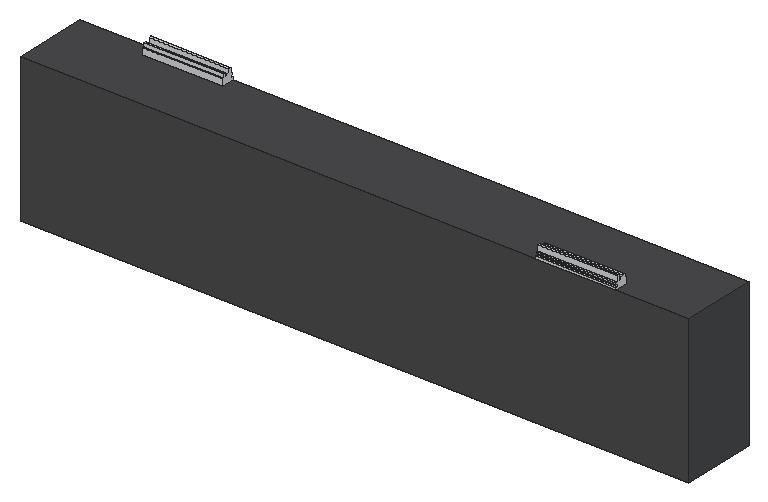
Revit family "STRIPE BLOCK RAIL 328_DTM15U.3.2.90", category Luminarias, Revit 2019
Family settings
  Cota de conector redondo = Diámetro de uso
  Tipo de pieza = Normal
  Se basa en plano de trabajo = Sí
  Siempre vertical = Sí
  Corte con vacíos al cargar = No
  Origen de luz = Sí
  Compartido = No
  Punto de cálculo de habitación = No
Parameters (values of type "STRIPE BLOCK RAIL 328_DTM15U.3.2.90")
  Ángulo de inclinación = 60.00°
  Ángulo de enfoque = 90.00°
  Ángulo de campo de foco = 90.00°
  Zone [instance] = ""
  Watt per fixture = 15
  Wattage = 15 W
  built-in parameter 1150107 = 2700 (stored number, unit not read)
  built-in parameter 1150110 = 1 (stored number, unit not read)
  built-in parameter 1150109 = 1 (stored number, unit not read)
  built-in parameter 1150112 = 1 (stored number, unit not read)
  built-in parameter 1150113 = 1 (stored number, unit not read)
  built-in parameter 1114218 = 1 (stored number, unit not read)
  Keynote = ""
  built-in parameter 1150137 = (empty or 0)
  built-in parameter 1150132 = (empty or 0)
  Modelo = "DTM15U.3.2.90"
  Lámpara = "2835SMD SAMSUNG"
  Light Source Symbol Length = 3048 mm
  built-in parameter 1150105 = 3811.7 (stored number, unit not read)
  built-in parameter 1150102 = (empty or 0)
  built-in parameter 1150106 = 38.117 (stored number, unit not read)
  Lumens = 1140 lm
  Color Filter = 16777215
  built-in parameter 1114217 = 1 (stored number, unit not read)
  built-in parameter 1150139 = (empty or 0)
  Fabricante = "BRILLANT"
  Default Elevation = 1219.2 mm
  built-in parameter 1150104 = 7.0606 (stored number, unit not read)
  Descripción = "LUMINARIA DOWNLIGHT EN FORMATO RECTANGULAR COMPATIBLE CON RIEL DE 6 ENTRADAS Y 3 CIRCUITOS, CUERPO DE ALUMINIO ACABADO EN COLOR NEGRO, IP 20, PESO 0.78Kg, TIPO DE LED 3030SMD PHILIPS CON 15W TOTAL, 1200 LUMENES, 80LM/W, IRC 90, TEMPERATURA EN BLANCO CALIDO 2700K, 50 MIL HORAS DE VIDA PROMEDIO, APERTURA DE 15 GRADOS POR PROYECTO, ALIMENTADO A 90-240V"
  built-in parameter 1150115 = 1 (stored number, unit not read)
  built-in parameter 1150114 = 1 (stored number, unit not read)
  Comentarios de vataje = "90-240V"
  built-in parameter 1150138 = (empty or 0)
  built-in parameter 1150134 = (empty or 0)
  Circuit [instance] = ""
  Dimming Lamp Color Temperature Shift = (empty or 0)
  Longitud de símbolo de origen de luz = 3048 mm
Reference planes
  plane 1 "Centro (Frontal/Posterior)": y = 0
  plane 2: z = 0
  plane 3 "Centro (Izquierda/Derecha)": x = 0
Forms (mm)
  Extrusion 1, solid, material "Default Form"
    sketch origin (0, 0, 0) x (1, 0, 0) y (0, 0, 1)
      loop
        line (-164, 0) -> (-164, -72) -> (164, -72) -> (164, 0) -> (-164, 0)
    from -18.326 to 18.326
  Extrusion 2, solid
    sketch origin (0, 0, 3.217) x (0, 1, 0) y (0, 0, 1)
      loop
        line (-12.149, -3.217) -> (-12.149, 0) -> (-12.935, 0) -> (-12.935, 1.637) -> (-13.796, 1.637) -> (-13.796, 0) -> (-14.582, 0) -> (-14.582, 0.811) -> (-15.443, 0.811) -> (-15.443, 0) -> (-16.233, 0) -> (-16.233, 2.691) -> (-17.279, 2.691) -> (-17.279, 0) -> (-18.061, 0) -> (-18.061, -0.861) -> (-17.162, -0.861) -> (-17.162, -2.042) -> (-18.326, -2.042) -> (-18.326, -3.217) -> (-12.149, -3.217)
    from 89.098 to 128.24
  Blend 3, void
    base sketch origin (0, 0, 0) x (1, 0, 0) y (0, 1, 0)
      loop
        line (-162, 16.149) -> (-162, -16.149) -> (162.02, -16.149) -> (162.02, 16.149) -> (-162, 16.149)
    top sketch origin (0, 0, 0) x (1, 0, 0) y (0, 1, 0)
      loop
        line (-160, 12.149) -> (-160, -12.149) -> (159.067, -12.149) -> (159.067, 12.149) -> (-160, 12.149)
    from -72 to -61.591
  Extrusion 4, solid
    sketch origin (0, 0, 3.217) x (0, -1, 0) y (0, 0, 1)
      loop
        line (-12.149, -3.217) -> (-12.149, 0) -> (-12.935, 0) -> (-12.935, 1.637) -> (-13.796, 1.637) -> (-13.796, 0) -> (-14.582, 0) -> (-14.582, 0.811) -> (-15.443, 0.811) -> (-15.443, 0) -> (-16.233, 0) -> (-16.233, 2.691) -> (-17.279, 2.691) -> (-17.279, 0) -> (-18.061, 0) -> (-18.061, -0.861) -> (-17.162, -0.861) -> (-17.162, -2.042) -> (-18.326, -2.042) -> (-18.326, -3.217) -> (-12.149, -3.217)
    from 89.098 to 128.24
  Extrusion 5, solid, material "Cristal"
    sketch origin (0, 0, 0) x (1, 0, 0) y (0, 1, 0)
      loop
        line (-162, 16.149) -> (-162, -16.149) -> (162.02, -16.149) -> (162.02, 16.149) -> (-162, 16.149)
    from -71.747 to -71.525
Cuts and joins
  Blend 3 cuts Extrusion 1
Dimensions and locks
  equal spacing: Extrusion 1, plane 1 "Centro (Frontal/Posterior)", Extrusion 1
  Extrusion 1 to plane 1 "Centro (Frontal/Posterior)" = 18.326 mm
  Extrusion 1 to Extrusion 1 = 36.651 mm
  Extrusion 1 to Extrusion 1 = 72 mm
  Extrusion 1 to Extrusion 1 = 328 mm
  cut or joined group of Extrusion 1, Blend 3 to cut or joined group of Extrusion 1, Blend 3 = 72 mm
  cut or joined group of Extrusion 1, Blend 3 to cut or joined group of Extrusion 1, Blend 3 = 36.651 mm
  cut or joined group of Extrusion 1, Blend 3 to cut or joined group of Extrusion 1, Blend 3 = 328 mm
  equal spacing: cut or joined group of Extrusion 1, Blend 3, plane 1 "Centro (Frontal/Posterior)", cut or joined group of Extrusion 1, Blend 3
  aligned and locked: level to plane 2
Automatic sketch dimensions
  Extrusion 1 sketch curve to level = 0 mm
  Extrusion 1 sketch curve to level = 72 mm
  Extrusion 1 sketch curve to plane 3 "Centro (Izquierda/Derecha)" = 164 mm
  plane 3 "Centro (Izquierda/Derecha)" to Extrusion 1 sketch curve = 164 mm
  Extrusion 4 sketch curve to level = 0 mm
  level to Extrusion 4 sketch curve = 1.175 mm
  Extrusion 4 sketch curve to plane 1 "Centro (Frontal/Posterior)" = 18.326 mm
  Extrusion 4 sketch curve to Extrusion 4 sketch curve = 0.265 mm
  Extrusion 4 sketch curve to Extrusion 4 sketch curve = 0.782 mm
  Extrusion 4 sketch curve to Extrusion 4 sketch curve = 1.164 mm
  Extrusion 4 sketch curve to Extrusion 4 sketch curve = 1.046 mm
  Extrusion 4 sketch curve to Extrusion 4 sketch curve = 0.789 mm
  Extrusion 4 sketch curve to Extrusion 4 sketch curve = 0.861 mm  (x3)
  Extrusion 4 sketch curve to Extrusion 4 sketch curve = 0.786 mm
  Extrusion 4 sketch curve to Extrusion 4 sketch curve = 0.785 mm
  Extrusion 4 sketch curve to Extrusion 4 sketch curve = 1.181 mm
  level to Extrusion 4 sketch curve = 3.217 mm
  Extrusion 4 sketch curve to Extrusion 4 sketch curve = 0 mm  (x2)
  Extrusion 4 sketch curve to Extrusion 4 sketch curve = 0.811 mm
  Extrusion 4 sketch curve to Extrusion 4 sketch curve = 0.826 mm
  Extrusion 4 sketch curve to Extrusion 4 sketch curve = 1.88 mm
  Extrusion 2 sketch curve to level = 0 mm
  level to Extrusion 2 sketch curve = 1.175 mm
  plane 1 "Centro (Frontal/Posterior)" to Extrusion 2 sketch curve = 18.326 mm
  Extrusion 2 sketch curve to Extrusion 2 sketch curve = 0.265 mm
  Extrusion 2 sketch curve to Extrusion 2 sketch curve = 0.782 mm
  Extrusion 2 sketch curve to Extrusion 2 sketch curve = 0.117 mm
  Extrusion 2 sketch curve to Extrusion 2 sketch curve = 1.046 mm
  Extrusion 2 sketch curve to Extrusion 2 sketch curve = 0.789 mm
  Extrusion 2 sketch curve to Extrusion 2 sketch curve = 0.861 mm  (x3)
  Extrusion 2 sketch curve to Extrusion 2 sketch curve = 0.786 mm
  Extrusion 2 sketch curve to Extrusion 2 sketch curve = 0.785 mm
  Extrusion 2 sketch curve to Extrusion 2 sketch curve = 1.181 mm
  Extrusion 2 sketch curve to Extrusion 2 sketch curve = 3.217 mm
  Extrusion 2 sketch curve to Extrusion 2 sketch curve = 0 mm  (x2)
  Extrusion 2 sketch curve to Extrusion 2 sketch curve = 0.811 mm
  Extrusion 2 sketch curve to Extrusion 2 sketch curve = 0.826 mm
  Extrusion 2 sketch curve to Extrusion 2 sketch curve = 1.88 mm
  Blend 3 sketch curve to plane 1 "Centro (Frontal/Posterior)" = 16.149 mm
  Blend 3 sketch curve to plane 3 "Centro (Izquierda/Derecha)" = 162 mm
  plane 1 "Centro (Frontal/Posterior)" to Blend 3 sketch curve = 16.149 mm
  plane 3 "Centro (Izquierda/Derecha)" to Blend 3 sketch curve = 162.02 mm
  Blend 3 sketch curve to plane 1 "Centro (Frontal/Posterior)" = 12.149 mm
  Blend 3 sketch curve to plane 3 "Centro (Izquierda/Derecha)" = 160 mm
  plane 1 "Centro (Frontal/Posterior)" to Blend 3 sketch curve = 12.149 mm
  plane 3 "Centro (Izquierda/Derecha)" to Blend 3 sketch curve = 159.067 mm
  plane 1 "Centro (Frontal/Posterior)" to Extrusion 5 sketch curve = 16.149 mm
  Extrusion 5 sketch curve to plane 3 "Centro (Izquierda/Derecha)" = 162 mm
  plane 3 "Centro (Izquierda/Derecha)" to Extrusion 5 sketch curve = 162.02 mm
  Extrusion 5 sketch curve to plane 1 "Centro (Frontal/Posterior)" = 16.149 mm
Connectors
  electrical at (0, 0, 0)
    settings: on cut or joined group of Extrusion 1, Blend 3, index 1, voltage 240 V, apparent load 0 VA, apparent load phase1 0 VA, apparent load phase2 0 VA, apparent load phase3 0 VA, power factor 1, load classification "Otro", number of poles 1, system type 31, power factor state 1, is connector primary yes, connector utility no, sub classification motor no, connector description ""
